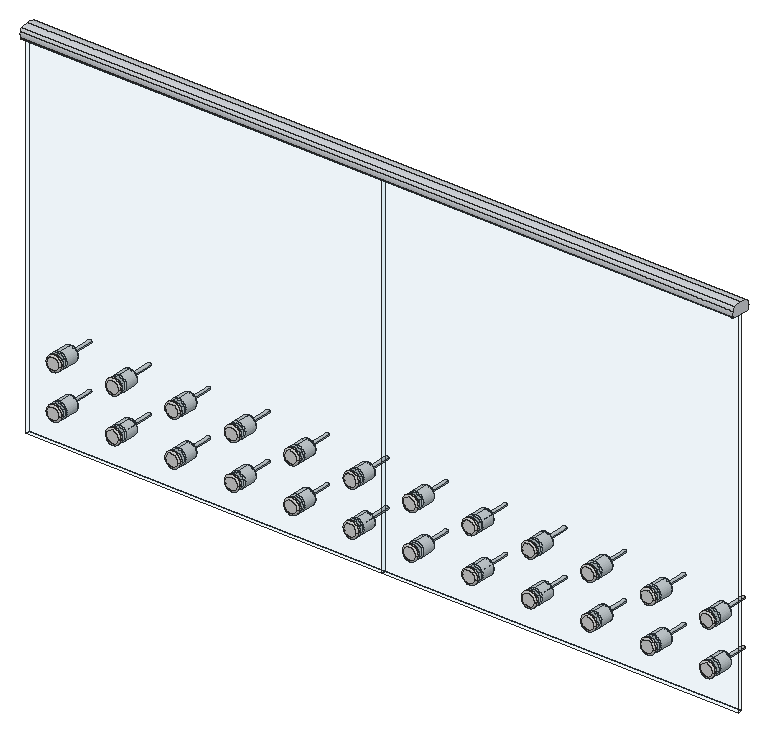
Revit family "ARENA POINTS", category Generic Models, Revit 2020 (continued)
Definition of nested family "VRT SIDE RAIL"
  Automatic sketch dimensions
    Extrusion 1 sketch curve to Extrusion 1 sketch curve = 0.044 mm
    Extrusion 1 sketch curve to Extrusion 1 sketch curve = 2.311 mm
    Extrusion 1 sketch curve to Extrusion 1 sketch curve = 3.008 mm
    Extrusion 1 sketch curve to Extrusion 1 sketch curve = 3.391 mm
    Extrusion 1 sketch curve to Extrusion 1 sketch curve = 5.356 mm
    plane 1 "Center (Front/Back)" to Extrusion 1 sketch curve = 0.09 mm
    Extrusion 1 sketch curve to Extrusion 1 sketch curve = 17.217 mm
    Extrusion 1 sketch curve to Extrusion 1 sketch curve = 3.838 mm
    Sweep 2 sketch curve to profile plane = 0 mm  (x4)
    profile plane to Sweep 2 sketch curve = 2.5 mm
    Sweep 2 sketch curve to Sweep 2 sketch curve = 0 mm  (x2)
Types (14, lengths in mm): name | VRT(Side fix) | VRT (Top rail) | VRR (Top rail) | VRR (Side fix) | VRE (Top rail) | VRE (Side fix) | URL | PRR(Side fix) | PRR (Top Rail) | Model | Manufacturer | LRS (Top rail) | LRR ( Side fix Round hand rail) | Keynote | Hand rail brackets | Description | ART (side fix) | ART (Top rail) | ARN (Top rail)
  Arena ( No Rails)*Sentry glass only | no | no | no | no | no | no | "WWW.UNEX.CO.NZ" | no | no | "UNEX, ARENA POINTS SIDE FIX" | "UNEX SYSTEMS" | no | no | "UNEX SYSTEMS, ARENA POINTS SIDE FIX BALUSTRADE" | no | "UNEX ARENA POINTS FRAMELESS GLASS WITH NO TOP RAIL" | no | no | no
  Arena (ARN Top rail) | no | no | no | no | no | no | "WWW.UNEX.CO.NZ" | no | no | "UNEX, ARENA POINTS SIDE FIX (ARN)" | "UNEX SYSTEMS" | no | no | "UNEX SYSTEMS, ARENA POINTS SIDE FIX BALUSTRADE" | no | "UNEX ARENA POINTS FRAMELESS GLASS WITH ARN TOP RAIL" | no | no | yes
  Arena (ART Top rail) | no | no | no | no | no | no | 0 | no | no | 0 | 0 | no | no | 0 | no | 0 | no | yes | no
  Arena (PRR Top rail) | no | no | no | no | no | no | "WWW.UNEX.CO.NZ" | no | yes | "UNEX, ARENA POINTS SIDE FIX (PRR)" | "UNEX SYSTEMS" | no | no | "UNEX SYSTEMS, ARENA POINTS SIDE FIX BALUSTRADE" | no | "UNEX ARENA POINTS FRAMELESS GLASS WITH PRR TOP RAIL" | no | no | no
  Arena (VRE Top rail) | no | no | no | no | yes | no | "WWW.UNEX.CO.NZ" | no | no | "UNEX, ARENA POINTS SIDE FIX (VRE)" | "UNEX SYSTEMS" | no | no | "UNEX SYSTEMS, ARENA POINTS SIDE FIX BALUSTRADE" | no | "UNEX ARENA POINTS FRAMELESS GLASS WITH VRE TOP RAIL" | no | no | no
  Arena (VRR Top rail) | no | no | yes | no | no | no | "WWW.UNEX.CO.NZ" | no | no | "UNEX, ARENA POINTS SIDE FIX (VRR)" | "UNEX SYSTEMS" | no | no | "UNEX SYSTEMS, ARENA POINTS SIDE FIX BALUSTRADE" | no | "UNEX ARENA POINTS FRAMELESS GLASS WITH VRR TOP RAIL" | no | no | no
  Arena (VRT Top rail) | no | yes | no | no | no | no | "WWW.UNEX.CO.NZ" | no | no | "UNEX, ARENA POINTS SIDE FIX (VRT)" | "UNEX SYSTEMS" | no | no | "UNEX SYSTEMS, ARENA POINTS SIDE FIX BALUSTRADE" | no | "UNEX ARENA POINTS FRAMELESS GLASS WITH VRT TOP RAIL" | no | no | no
  Arena ( LRR side rail) *Sentry glass only | no | no | no | no | no | no | "WWW.UNEX.CO.NZ" | no | no | "UNEX, ARENA POINTS SIDE FIX (LRR)" | "UNEX SYSTEMS" | no | yes | "UNEX SYSTEMS, ARENA POINTS SIDE FIX BALUSTRADE" | yes | "UNEX ARENA POINTS FRAMELESS GLASS WITH LRR SIDE RAIL" | no | no | no
  Arena (LRS Top rail) | no | no | no | no | no | no | "WWW.UNEX.CO.NZ" | no | no | "UNEX, ARENA POINTS SIDE FIX  (LRS)" | "UNEX SYSTEMS" | yes | no | "UNEX SYSTEMS, ARENA POINTS SIDE FIX BALUSTRADE" | no | "UNEX ARENA POINTS FRAMELESS GLASS WITH LRS TOP RAIL" | no | no | no
  Arena (ART Side fix) | no | no | no | no | no | no | "WWW.UNEX.CO.NZ" | no | no | "UNEX, ARENA POINTS SIDE FIX & SIDE (ART)" | "UNEX SYSTEMS" | no | no | "UNEX SYSTEMS, ARENA POINTS SIDE FIX BALUSTRADE" | yes | "UNEX ARENA POINTS FRAMELESS GLASS WITH ART SIDE RAIL" | yes | no | no
  Arena (PRR Side fix) | no | no | no | no | no | no | "WWW.UNEX.CO.NZ" | yes | no | "UNEX, ARENA POINTS SIDE FIX & SIDE (PRR)" | "UNEX SYSTEMS" | no | no | "UNEX SYSTEMS, ARENA POINTS SIDE FIX BALUSTRADE" | yes | "UNEX ARENA POINTS FRAMELESS GLASS WITH PRR SIDE RAIL" | no | no | no
  Arena ( VRE side rail )*Sentry glass only | no | no | no | no | no | yes | "WWW.UNEX.CO.NZ" | no | no | "UNEX, ARENA POINTS SIDE FIX  & SIDE (VRE)" | "UNEX SYSTEMS" | no | no | "UNEX SYSTEMS, ARENA POINTS SIDE FIX BALUSTRADE" | yes | "UNEX ARENA POINTS FRAMELESS GLASS WITH VRE SIDE RAIL" | no | no | no
  Arena ( VRR side rail )*Sentry glass only | no | no | no | yes | no | no | "WWW.UNEX.CO.NZ" | no | no | "UNEX, ARENA POINTS SIDE FIX & SIDE  (VRR)" | "UNEX SYSTEMS" | no | no | "UNEX SYSTEMS, ARENA POINTS SIDE FIX BALUSTRADE" | yes | "UNEX ARENA POINTS FRAMELESS GLASS WITH VRR SIDE RAIL" | no | no | no
  Arena ( VRT side rail )*Sentry glass only | yes | no | no | no | no | no | "WWW.UNEX.CO.NZ" | no | no | "UNEX, ARENA POINTS SIDE FIX & SIDE (VRT)" | "UNEX SYSTEMS" | no | no | "UNEX SYSTEMS, ARENA POINTS SIDE FIX BALUSTRADE" | yes | "UNEX ARENA POINTS FRAMELESS GLASS WITH VRT SIDE RAIL" | no | no | no
